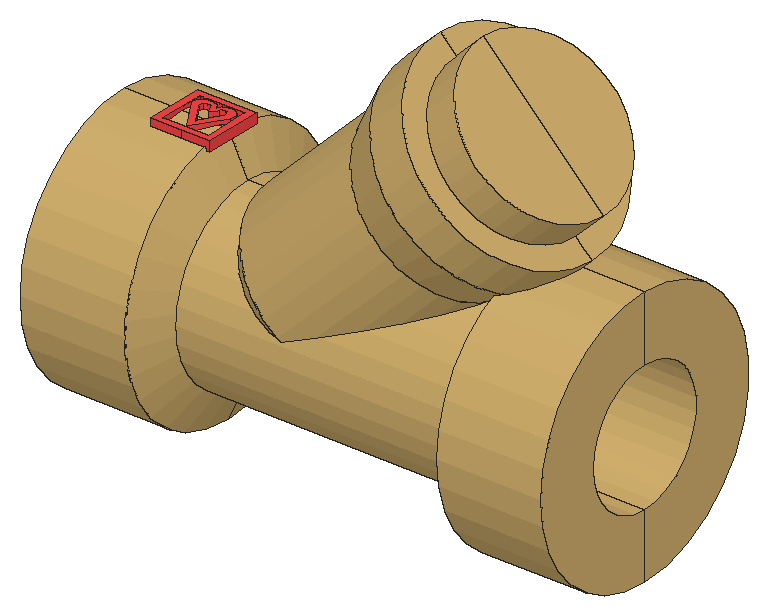
Revit family "Strainers 2662", category Rohrzubehör, Revit 2021
Family settings
  Bemaßung runder Anschluss = Durchmesser verwenden
  Teiletyp = Unterbricht
  OmniClass-Nummer = 23.65.55.14
  OmniClass-Titel = Valves for Liquid Services
  Arbeitsebenenbasiert = Nein
  Immer vertikal = Ja
  Beim Laden mit Abzugskörper schneiden = Nein
  Gemeinsam genutzt = Nein
Parameters
  min. Operating temperature (Water) = 0.5 °C  # constant formula
  min. Operating temperature = -30 °C  # constant formula
  max. Operating temperature (water) = 95 °C  # constant formula
  max. Operating temperature = 130 °C  # constant formula
  max. Operating pressure = 2500000.0 Pa  # constant formula
  Vorgabe-Ansicht = 0.000 mm
  Internal thread = "acc. to ISO 228-1"  # constant formula
  W01 = 45.00°  # constant formula
  URL = "www.herzvalves.com"
  SCTWSEQ = "AW;SBT_TYP=\"112\";2"
  SCTWCODE = "04;16;02"  # constant formula
  Part number [instance] = size_lookup("2662_", "Artnr", 0, Nennweite)  # 1266202
  Closing plug = "forged brass acc. to EN 12420, CW617N"  # constant formula
  Sieve = "stainless steel, single, meshed perforation 0,5mm"  # constant formula
  SW01 [instance] = size_lookup("2662_", "SW1", 12.000 mm, Nennweite)  # 13.000 mm
  SCRNSEQ = "AWI;AWI_TYP=\"1011\";2"
  SCRNCODE = "05;15;02"  # constant formula
  S01 [instance] = R01 * 2  # 40.000 mm
  R07 [instance] = size_lookup("2662_", "R7", 13.000 mm, Nennweite)  # 16.500 mm
  R06 [instance] = size_lookup("2662_", "R6", 11.500 mm, Nennweite)  # 14.000 mm
  R05 [instance] = Nennweite / 2  # 10.000 mm
  R03 [instance] = size_lookup("2662_", "R3", 11.500 mm, Nennweite)  # 14.000 mm
  R02 [instance] = Nennweite / 2  # 10.000 mm
  R01 [instance] = (Nennweite / 2) + 10.000 mm  # 20.000 mm
  Nennweite [instance] = 20.000 mm
  Medium = "heating water quality according to ÖNORM H5195 or VDI-Standard 2035.\r\nthe use of ethylene or propylene glycol in a mixing ratio 25- 50% is allowed.\r\nplease refer to manufacturers documentation when using ethylene glycol products for frost and corrosion protection.\r\nHERZ ball valve for heating and chilled water is not suitable for usage of agressive medium (such as: acids, alkalis, combustible and explosive gases) because it can destroy sealing components."
  L16 [instance] = L03 / 2  # 7.750 mm
  L15 [instance] = R01 - 1.000 mm  # 19.000 mm
  L14 [instance] = L06 - L08  # 8.000 mm
  L11 [instance] = size_lookup("2662_", "L11", 4.500 mm, Nennweite)  # 6.000 mm
  L09 [instance] = size_lookup("2662_", "L9", 9.000 mm, Nennweite)  # 7.000 mm
  L08 [instance] = size_lookup("2662_", "L8", 23.500 mm, Nennweite)  # 32.000 mm
  L07 [instance] = size_lookup("2662_", "L7", 11.000 mm, Nennweite)  # 13.000 mm
  L06 [instance] = size_lookup("2662_", "L6", 36.500 mm, Nennweite) - L09  # 40.000 mm
  L03 [instance] = size_lookup("2662_", "L3", 15.000 mm, Nennweite)  # 15.500 mm
  L02 [instance] = size_lookup("2662_", "L2", 14.000 mm, Nennweite)  # 21.000 mm
  L01 [instance] = size_lookup("2662_", "L1", 17.000 mm, Nennweite)  # 16.000 mm
  L00 [instance] = size_lookup("2662_", "L", 68.000 mm, Nennweite)  # 80.000 mm
  Hersteller = "Herz-Armaturen GmbH"  # constant formula
  Body (DN50) = "cast brass acc. to EN 1982; CC770S"  # constant formula
  Body (DN15 until DN40) = "forged brass acc. to EN 12420, CW617N"  # constant formula
  Plug seals = "EPDM"  # constant formula
  Application = "strainers are installed in pipes to protect the finely machined valve seats from particles.\r\nfield of application are building services, such as in heating or chilled water units for air conditioning in buildings.\r\nEPDM sealings can be destroyed by organic hydro carbons, which are occurring in natural gas, mineral oil or lubricants."
Reference planes
  plane 1 "Mitte (Vorne/hinten)": y = 0
  plane 2: z = 0
  plane 3 "Mitte (Links/rechts)": x = 0
Forms (mm)
  Revolve 1, solid, material "Messing", detail levels fine
    sketch origin (470, 0, 0) x (1, 0, 0) y (0, 0, 1)
      loop
        line (-510, 10) -> (-494.5, 10) -> (-494.5, 0) -> (-445.5, 0) -> (-445.5, 10) -> (-430, 10) -> (-430, 20) -> (-446, 20) -> (-449, 14) -> (-491, 14) -> (-494, 20) -> (-510, 20) -> (-510, 10)
      axis (-510, 0) -> (-430, 0)
    angle from 0 to 360
  Revolve 2, solid, material "Messing", detail levels fine
    sketch origin (0.32, 0, -0.105) x (1, 0, 0) y (0, 0, 1)
      loop
        line (-13.32, 0) -> (24.157, 37.477) -> (14.964, 46.669) -> (10.722, 42.426) -> (8.247, 44.901) -> (3.297, 39.952) -> (-0.592, 32.527) -> (-17.563, 15.556) -> (-20.391, 7.071) -> (-13.32, 0)
      axis (-13.32, 0) -> (24.157, 37.477)
    angle from 0 to 360
Lines and regions (mm)
  model lines, detail levels coarse+medium
    curve 1: line (-40, 0, 20) -> (40, 0, 20)
    curve 2: line (-40, 0, -20) -> (-40, 0, 20)
    curve 3: line (40, 0, -20) -> (-40, 0, -20)
    curve 4: line (40, 0, 20) -> (40, 0, -20)
    curve 6: line (-40, 20, 0) -> (40, 20, 0)
    curve 7: line (-40, -20, 0) -> (-40, 20, 0)
    curve 8: line (40, -20, 0) -> (-40, -20, 0)
    curve 9: line (40, 20, 0) -> (40, -20, 0)
    curve 10: line (40, -20, 0) -> (-40, 20, 0)
  symbolic lines, style "PipeAccessory"
    curve 5: line (40, 0, -20) -> (-40, 0, 20)
Dimensions and locks
  "L00": Revolve 1 sketch curve to Revolve 1 sketch curve
  equal spacing: Revolve 1 sketch curve, plane 3 "Mitte (Links/rechts)", Revolve 1 sketch curve
  "R01": Revolve 1 sketch curve to Revolve 1 sketch curve  (x2)
  "R02": Revolve 1 sketch curve to Revolve 1 sketch curve  (x2)
  "L01": Revolve 1 sketch curve to Revolve 1 sketch curve  (x2)
  "L02": plane 3 "Mitte (Links/rechts)" to Revolve 1 sketch curve
  "L02": Revolve 1 sketch curve to plane 3 "Mitte (Links/rechts)"
  "R03": Revolve 1 sketch curve to Revolve 1 sketch curve
  "L03": Revolve 1 sketch curve to Revolve 1 sketch curve  (x2)
  "L11": Revolve 2 sketch curve to Revolve 2 sketch curve
  "L07": plane 3 "Mitte (Links/rechts)" to Revolve 2 sketch curve  (x2)
  "R05": Revolve 2 sketch curve to Revolve 2 sketch curve
  "L06": Revolve 2 sketch curve to Revolve 2 sketch curve
  "L08": Revolve 2 sketch curve to Revolve 2 sketch curve
  "R06": Revolve 2 sketch curve to Revolve 2 sketch curve
  "L14": Revolve 2 sketch curve to Revolve 2 sketch curve
  "L15": nested 1 to plane 2
  "L16": Revolve 1 to nested 1
  equal spacing: curve 7, plane 3 "Mitte (Links/rechts)", curve 9
  "L00": curve 7 to curve 9
  "S01": curve 6 to curve 8
  equal spacing: curve 4, plane 3 "Mitte (Links/rechts)", curve 2
  "L00": curve 4 to curve 2
  equal spacing: curve 1, plane 2, curve 3
  "S01": curve 1 to curve 3
  equal spacing: curve 8, plane 1 "Mitte (Vorne/hinten)", curve 6
  "L09": Revolve 2 sketch curve to Revolve 2 sketch curve
  "R07": Revolve 2 sketch curve to Revolve 2 sketch curve
  "SW01": Revolve 2 sketch curve to Revolve 2 sketch curve
  "W01": angle plane 2 to Revolve 2 sketch curve
  "W01": angle level to Revolve 2 sketch curve
  aligned and locked: level to plane 2
Automatic sketch dimensions
  Revolve 1 sketch curve to level = 0.000 mm  (x2)
  Revolve 1 sketch curve to Revolve 1 sketch curve = 791.990 mm
  Revolve 1 sketch curve to Revolve 1 sketch curve = 2278.983 mm
  Revolve 2 sketch curve to level = 0.105 mm
  Revolve 2 sketch curve to Revolve 2 sketch curve = 0.000 mm
Nested families
  nested 1: "Herz-Logo" at (-27.732, 0, 19), type "Herz-Logo", detail levels fine
Connectors
  piping at (-24.5, 0, 0), diameter 20, driven by "Nennweite"
    settings: on Revolve 1, index 1, connector inside diameter 609.6 mm, connector length 0.000 mm, flow factor 0, pipe flow 0.0 L/s, pressure drop 0.0 Pa, fitting loss kfactor 0, connector angle 0.00°, fixture units 0, engagement length 0.000 mm, angle of deflection 0.00°, flow configuration 0, flow direction 0, fitting loss method 0, system type 7, joint type 0, gender type 0, connector reference index -1, connector utility 0, adjustable connector no, is connector primary yes, connector description ""
  piping at (24.5, 0, 0), diameter 20, driven by "Nennweite"
    settings: on Revolve 1, index 2, connector inside diameter 609.6 mm, connector length 0.000 mm, flow factor 0, pipe flow 0.0 L/s, pressure drop 0.0 Pa, fitting loss kfactor 0, connector angle 0.00°, fixture units 0, engagement length 0.000 mm, angle of deflection 0.00°, flow configuration 0, flow direction 0, fitting loss method 0, system type 7, joint type 0, gender type 0, connector reference index -1, connector utility 0, adjustable connector no, is connector primary no, connector description ""
Definition of nested family "Herz-Logo"
  Parameters (values of type "Herz-Logo")
    Default Elevation = 0.000 mm
  Reference planes
    plane 1 "Mitte (Vorne/hinten)": y = 0
    plane 2: z = 0
    plane 3 "Mitte (Links/rechts)": x = 0
  Forms (mm)
    Extrusion 1, solid
      sketch origin (0, 0, 0) x (1, 0, 0) y (0, 1, 0)
        loop
          line (-0.018, -4.517) -> (4.482, -4.517) -> (4.482, 4.483) -> (-4.518, 4.483) -> (-4.518, -4.517) -> (-0.018, -4.517)
        loop
          line (-0.05, -3.48) -> (3.482, -3.48) -> (3.482, 3.483) -> (-3.518, 3.483) -> (-3.518, -3.48) -> (-0.05, -3.48)
        loop
          arc (-0.018, 2.383) -> (-1.543, 3.287) -> (-3.067, 2.383) r 1.738
          arc (-3.067, 2.383) -> (-3.191, 1.899) -> (-3.067, 1.415) r 1.009
          line (-3.067, 1.415) -> (-0.018, -3.281) -> (3.032, 1.415)
          arc (3.032, 1.415) -> (3.156, 1.899) -> (3.032, 2.383) r 1.009
          arc (3.032, 2.383) -> (1.507, 3.287) -> (-0.018, 2.383) r 1.738
        loop
          arc (1.885, 1.272) -> (2.005, 1.675) -> (1.885, 2.079) r 0.74
          arc (1.885, 2.079) -> (1.265, 2.416) -> (0.644, 2.079) r 0.74
          line (0.644, 2.079) -> (-0.018, 0.97) -> (-0.679, 2.079)
          arc (-0.679, 2.079) -> (-1.3, 2.416) -> (-1.921, 2.079) r 0.74
          arc (-1.921, 2.079) -> (-2.04, 1.675) -> (-1.921, 1.272) r 0.74
          line (-1.921, 1.272) -> (-0.018, -1.658) -> (1.885, 1.272)
      from 0 to 1.5
  Dimensions and locks
    aligned and locked: level to plane 2
